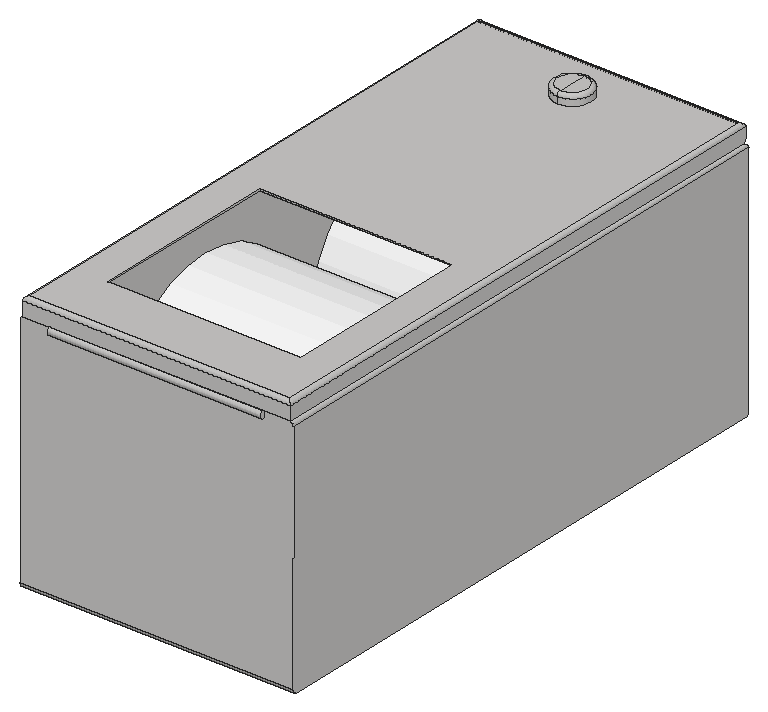
Revit family "PRD_AR_TltRllHldrs_RODANToiletRollHolder_RODX672,674B", category Specialty Equipment, host Face, Revit 2018
Family settings
  Host = Face
  Round Connector Dimension = Use Diameter
  Part Type = Normal
  OmniClass Number = 23.40.20.21.21
  OmniClass Title = Toilet Paper Dispensers
  Cut with Voids When Loaded = No
  Shared = No
  Room Calculation Point = No
Parameters (values of type "RODX672")
  WarrantyStartDate [instance] = "1900-12-31T23:59:59"
  WarrantyGuarantorParts = "n/a"
  WarrantyGuarantorLabor = "n/a"
  WarrantyDurationUnit = "year"
  WarrantyDurationParts = "n/a"
  WarrantyDurationLabor = "n/a"
  WarrantyDescription = "n/a"
  Version = "1"
  Uniclass2015Version = "Products v1.10"
  Uniclass2015Title = "Toilet roll holders"
  Uniclass2015Code = "Pr_40_20_76_88"
  URL = "www.kwc.com"
  Type = RODX672 : RODX672
  ToiletRollMaterial = PRD_AR_ToiletRoll
  TagNumber [instance] = "n/a"
  SustainabilityPerformance = "n/a"
  Style = "Toilet roll holder"
  Size = "144x301x138 mm"
  Shape = "n/a"
  SerialNumber [instance] = "n/a"
  RollHolderMaterial = PRD_AR_StainlessSteel_SatinFinished
  Revision = "n/a"
  ReplacementCost = "n/a"
  ProductInformation = "https://pim.kwc.com/product/2000090072/attachment/datasheet?locale=en"
  NominalWidth = 144.00 mm
  NominalHeight = 301.00 mm
  NominalDepth = 138.00 mm
  NetWeight = 2.15 kg
  Name = "RODAN Double toilet roll holder RODX672"
  NBSTypeID = "n/a"
  NBSReference = "45-35-72/368"
  NBSOfficeMasterTag = "n/a"
  NBSNote = "n/a"
  NBSDescription = "Toilet roll holders"
  NBSCertification = "n/a"
  ModelReference = "RODX672"
  ModelNumber = "2000090072"
  Model = ModelReference  # "RODX672"
  MaximumWidthOfConsumable = 115.00 mm
  Materials = "Stainless steel"
  MaterialCode = "Stainless steel 1.4301"
  Material = "Stainless steel"
  ManufacturerURL = "www.kwc.com"
  ManufacturerName = "KWC Group AG"  # constant formula
  Manufacturer = ManufacturerName  # "KWC Group AG"
  MainColor = "Stainless steel"
  IntegralAccessories = "incl. stainless steel screws and dowels"
  InstallationDate [instance] = "1900-12-31T23:59:59"
  IfcExportType = "NOTDEFINED"
  IfcExportAs = "IfcFurnitureType"
  GrossWeight = 2.42 kg
  Grade = "n/a"
  Form = "Wall mounting"
  FinishAndColour = "Stainless steel, satin finished"
  Finish = "Satin finished"
  FillingQuantity = "2 Rolls"
  Features = "stainless steel, 0.80 mm, satin finished, wall mounting, 144x301x138 mm (WxHxD)"
  ExpectedLife = "n/a"
  DurationUnit = "year"
  Description = "Double toilet roll holder with spindle system for wall mounting, stainless steel, surface satin finished, material thickness 0.8 mm, folded front cover, cylinder lock with KWC standard key, for 2 rolls with max. ⌀120 mm, second roll will be released after consumption of first roll, with spindles, reserve roll not visible, incl. stainless steel screws and dowels."
  Default Elevation = 700.00 mm
  CreatedOn = "12/2018"  # constant formula
  Constituents = "n/a"
  Color = "Stainless steel"
  CodePerformance = "n/a"
  Category = "Pr_40_20_76_88, Toilet roll holders"
  BarCode [instance] = "n/a"
  BIMObjectName = "PRD_AR_ToiletRollHolders_RODAN_ToiletRollHolder_RODX672"
  Author = "Archispace"  # constant formula
  AssetType = "Fixed"
  AssetIdentifier [instance] = "n/a"
  AccessibilityPerformance = "n/a"
Types (2, lengths in mm): name | Type | Size | ProductInformation | NominalWidth | NominalHeight | NominalDepth | NetWeight | Name | ModelReference | ModelNumber | Model | MaximumWidthOfConsumable | GrossWeight | FillingQuantity | Features | Description | BIMObjectName
  RODX672 | RODX672 : RODX672 | "144x301x138 mm" | "https://pim.kwc.com/product/2000090072/attachment/datasheet?locale=en" | 144.00 | 301.00 | 138.00 | 2.15 kg | "RODAN Double toilet roll holder RODX672" | "RODX672" | "2000090072" | "RODX672" | 115.00 | 2.42 kg | "2 Rolls" | "stainless steel, 0.80 mm, satin finished, wall mounting, 144x301x138 mm (WxHxD)" | "Double toilet roll holder with spindle system for wall mounting, stainless steel, surface satin finished, material thickness 0.8 mm, folded front cover, cylinder lock with KWC standard key, for 2 rolls with max. ⌀120 mm, second roll will be released after consumption of first roll, with spindles, reserve roll not visible, incl. stainless steel screws and dowels." | "PRD_AR_ToiletRollHolders_RODAN_ToiletRollHolder_RODX672"
  RODX674B | RODX674B : RODX674B | "144x610x145 mm" | "https://pim.kwc.com/product/2030002104/attachment/datasheet?locale=en" | 145.00 | 610.00 | 144.00 | 4.98 kg | "RODAN Double toilet roll holder RODX674B" | "RODX674B" | "2030002104" | "RODX674B" | 110.00 | 5.62 kg | "4 Rolls" | "stainless steel, 0.80 mm, satin finished, wall mounting, 145x610x144 mm (WxHxD)" | "Toilet roll holder for 4 rolls for wall mounting, stainless steel, surface satin finished, material thickness 0.8 mm, with spindle system, cylinder lock with KWC standard key, incl. stainless steel screws and dowels." | "PRD_AR_ToiletRollHolders_RODAN_DoubleToiletRollHolder_RODX674B"
Reference planes
  plane 1 "Center (Front/Back)": y = 0
  plane 2: z = 0
  plane 3 "Center (Left/Right)": x = 0
Dimensions and locks
  aligned and locked: plane 2 to host face
  aligned and locked: level to host face
Nested families
  nested 1: "RODX672" at (0, 150, 0), type <- "Type", type "RODX672"
    with WarrantyStartDate "1900-12-31T23:59:59", TagNumber "n/a", SerialNumber "n/a", InstallationDate "1900-12-31T23:59:59", BarCode "n/a", AssetIdentifier "n/a"
Definition of nested family "RODX672"
  Parameters (values of type "RODX672")
    WarrantyStartDate [instance] = "1900-12-31T23:59:59"
    WarrantyGuarantorParts = "n/a"
    WarrantyGuarantorLabor = "n/a"
    WarrantyDurationUnit = "year"
    WarrantyDurationParts = "n/a"
    WarrantyDurationLabor = "n/a"
    WarrantyDescription = "n/a"
    Version = "1"
    Uniclass2015Version = "Products v1.7"
    Uniclass2015Title = "Toilet roll holders"
    Uniclass2015Code = "Pr_40_20_76_88"
    URL = "www.franke.com"
    ToiletRollMaterial = none
    TagNumber [instance] = "n/a"
    SustainabilityPerformance = "n/a"
    Style = "Toilet roll holder"
    Size = "144x301x138 mm"
    Shape = "n/a"
    SerialNumber [instance] = "n/a"
    RollHolderMaterial = none
    Revision = "n/a"
    ReplacementCost = "n/a"
    ProductInformation = "http://igh.franke.mycontent.ch/ch/pdf/Franke_ZDS_2000090072_EN.pdf"
    NominalWidth = 144.00 mm
    NominalLength = 144.00 mm
    NominalHeight = 301.00 mm
    NominalDepth = 138.00 mm
    NetWeight = 2.15 kg
    Name = "RODAN Double toilet roll holder RODX672"
    NBSTypeID = "n/a"
    NBSReference = "45-35-72/368"
    NBSOfficeMasterTag = "n/a"
    NBSNote = "n/a"
    NBSDescription = "Toilet roll holders"
    NBSCertification = "n/a"
    ModelReference = "RODX672"
    ModelNumber = "2000090072"
    Model = ModelReference  # "RODX672"
    MaximumWidthOfConsumable = 115.00 mm
    Materials = "Stainless steel"
    Material = "Stainless steel"
    ManufacturerURL = "www.franke.com"
    ManufacturerName = "FRANKE Water Systems AG"  # constant formula
    Manufacturer = ManufacturerName  # "FRANKE Water Systems AG"
    MainColor = "Stainless steel"
    IntegralAccessories = "incl. stainless steel screws and dowels"
    InstallationDate [instance] = "1900-12-31T23:59:59"
    IfcExportType = "NOTDEFINED"
    IfcExportAs = "IfcFurnitureType"
    GrossWeight = 2.42 kg
    Grade = "n/a"
    Form = "Wall mounting"
    FinishAndColour = "Stainless steel, satin finished"
    Finish = "Satin finished"
    FillingQuantity = "2 Rolls"
    Features = "stainless steel, 0.80 mm, satin finished, wall mounting, 144x301x138 mm (WxHxD)"
    ExpectedLife = "n/a"
    DurationUnit = "year"
    Description = "Double toilet roll holder with spindle system for wall mounting, stainless steel, surface satin finished, material thickness 0.8 mm, folded front cover, cylinder lock with Franke standard key, for 2 rolls with max. O 120 mm, second roll will be released after consumption of first roll, with spindles, reserve roll not visible, incl. stainless steel screws and dowels."
    Default Elevation = 700.00 mm
    Constituents = "n/a"
    Color = "Stainless steel"
    CodePerformance = "n/a"
    Category = "Pr_40_20_76_88, Toilet roll holders"
    BarCode [instance] = "n/a"
    BIMObjectName = "PRD_FrankeWS_ToiletRollHolders_RODAN_DoubleToiletRollHolder_RODX672"
    Author = "Archispace"  # constant formula
    AssetType = "Fixed"
    AssetIdentifier [instance] = "n/a"
    AccessibilityPerformance = "n/a"
  Reference planes
    plane 1 "Center (Front/Back)": y = 0
    plane 2: z = 0
    plane 3 "Center (Left/Right)": x = 0
  Forms (mm)
    Extrusion 1, solid
      sketch origin (0, 0, 0) x (1, 0, 0) y (0, 1, 0)
        loop
          line (-1219.2, 1219.2) -> (-1219.2, -1219.2) -> (1219.2, -1219.2) -> (1219.2, 1219.2) -> (-1219.2, 1219.2)
      from 0 to -304.8
    Extrusion 2, solid, material <- "RollHolderMaterial", detail levels fine
      sketch origin (0, 0, 0) x (0, 1, 0) y (0, 0, 1)
        loop
          arc (-150, 2) -> (-149.414, 0.586) -> (-148, 0) r 2
          line (-148, 0) -> (148, 0)
          arc (148, 0) -> (149.414, 0.586) -> (150, 2) r 2
          line (150, 2) -> (150, 126.459)
          arc (150, 126.459) -> (149.414, 127.873) -> (148, 128.459) r 2
          line (148, 128.459) -> (-150, 128.459) -> (-150, 2)
      from -72 to 72
    Extrusion 3, solid, material <- "RollHolderMaterial", detail levels fine
      sketch origin (0, 0, 0) x (0, 1, 0) y (0, 0, 1)
        loop
          line (-150, 128.459) -> (147.9, 128.459)
          arc (147.9, 128.459) -> (149.385, 129.074) -> (150, 130.559) r 2.1
          line (150, 130.559) -> (150, 135.959)
          arc (150, 135.959) -> (149.414, 137.373) -> (148, 137.959) r 2
          line (148, 137.959) -> (-148, 137.959)
          arc (-148, 137.959) -> (-149.414, 137.373) -> (-150, 135.959) r 2
          line (-150, 135.959) -> (-150, 128.459)
      from -70.5 to 70.5
    Extrusion 4, void
      sketch origin (0, 0, 0) x (1, 0, 0) y (0, 0, 1)
        loop
          line (72, 128.459) -> (70, 128.459)
          arc (70, 128.459) -> (71.414, 127.873) -> (72, 126.459) r 2
          line (72, 126.459) -> (72, 128.459)
        loop
          line (-72, 128.459) -> (-72, 126.459)
          arc (-72, 126.459) -> (-71.414, 127.873) -> (-70, 128.459) r 2
          line (-70, 128.459) -> (-72, 128.459)
      from -150 to 150
    Extrusion 5, void
      sketch origin (0, 0, 0) x (1, 0, 0) y (0, 0, 1)
        loop
          line (70.5, 137.959) -> (68.5, 137.959)
          arc (68.5, 137.959) -> (69.914, 137.373) -> (70.5, 135.959) r 2
          line (70.5, 135.959) -> (70.5, 137.959)
        loop
          line (-70.5, 137.959) -> (-70.5, 135.959)
          arc (-70.5, 135.959) -> (-69.914, 137.373) -> (-68.5, 137.959) r 2
          line (-68.5, 137.959) -> (-70.5, 137.959)
      from -150 to 150
    Extrusion 6, solid, material <- "RollHolderMaterial", detail levels fine
      sketch origin (0, 0, 1.05) x (0, 1, 0) y (0, 0, 1)
        loop
          line (-150, 123.809) -> (-150, 127.409)
          arc (-150, 127.409) -> (-151.8, 125.609) -> (-150, 123.809) r 1.8
      from -56.25 to 56.25
    Extrusion 7, void
      sketch origin (0, 0, 0) x (0, 1, 0) y (0, 0, 1)
        loop
          line (-118.5, 137.159) -> (-118.5, 80.959) -> (-149.2, 80.959) -> (-149.2, 2) -> (149.2, 2) -> (149.2, 126.159)
          arc (149.2, 126.159) -> (148.849, 127.007) -> (148, 127.359) r 1.2
          line (148, 127.359) -> (142.6, 127.359) -> (142.6, 129.259) -> (147.9, 129.259)
          arc (147.9, 129.259) -> (148.819, 129.64) -> (149.2, 130.559) r 1.3
          line (149.2, 130.559) -> (149.2, 135.859)
          arc (149.2, 135.859) -> (148.819, 136.778) -> (147.9, 137.159) r 1.3
          line (147.9, 137.159) -> (-118.5, 137.159)
      from -69.7 to 69.7
    Extrusion 8, void
      sketch origin (0, 0, 0) x (0, 1, 0) y (0, 0, 1)
        loop
          line (-118.5, 137.959) -> (-118.5, 137.159) -> (-18.5, 137.159) -> (-18.5, 137.959) -> (-118.5, 137.959)
      from -51 to 51
    Revolve 9, solid, material <- "RollHolderMaterial", detail levels fine
      sketch origin (0, 0, 0) x (0, 1, 0) y (0, 0, 1)
        loop
          line (114.119, 137.959) -> (124, 137.959) -> (124, 143.109) -> (116.119, 143.109)
          arc (116.119, 143.109) -> (114.705, 142.523) -> (114.119, 141.109) r 2
          line (114.119, 141.109) -> (114.119, 137.959)
        axis (124, 143.109) -> (124, 137.959)
      angle from 0 to 360
    Extrusion 10, solid, material <- "RollHolderMaterial", detail levels medium
      sketch origin (0, 0, 0) x (0, 1, 0) y (0, 0, 1)
        loop
          line (150, 0) -> (150, 128.459) -> (-150, 128.459) -> (-150, 0) -> (150, 0)
      from -72 to 72
    Extrusion 11, solid, material <- "RollHolderMaterial", detail levels medium
      sketch origin (0, 0, 0) x (0, 1, 0) y (0, 0, 1)
        loop
          line (150, 128.459) -> (150, 137.959) -> (-150, 137.959) -> (-150, 128.459) -> (150, 128.459)
      from -70.5 to 70.5
    Extrusion 12, void
      sketch origin (0, 0, 0) x (0, 1, 0) y (0, 0, 1)
        loop
          line (-118.5, 137.159) -> (-118.5, 80.959) -> (-149.2, 80.959) -> (-149.2, 2) -> (149.2, 2) -> (149.2, 137.159) -> (-118.5, 137.159)
      from -69.7 to 69.7
    Extrusion 13, solid, material <- "RollHolderMaterial", detail levels coarse
      sketch origin (0, 0, 0) x (0, 1, 0) y (0, 0, 1)
        loop
          line (-150, 137.959) -> (-150, 0) -> (150, 0) -> (150, 137.959) -> (-150, 137.959)
      from -72 to 72
    Extrusion 14, solid, material <- "ToiletRollMaterial", detail levels medium+fine
      sketch origin (0, 134.349, 3.241) x (0, 1, 0) y (0, 0, 1)
        loop
          circle (-59.349, 60.739) r 60
      from -50 to 50
    Extrusion 15, solid, material <- "ToiletRollMaterial", detail levels medium+fine
      sketch origin (0, 4.349, 3.241) x (0, 1, 0) y (0, 0, 1)
        loop
          circle (-59.349, 60.739) r 60
      from 50 to -50
  Cuts and joins
    Extrusion 4, Extrusion 7 cuts Extrusion 2
    Extrusion 5, Extrusion 7, Extrusion 8 cuts Extrusion 3
    joined: Extrusion 3, Revolve 9
    Extrusion 8, Extrusion 12 cuts Extrusion 11
    Extrusion 12 cuts Extrusion 10
  Dimensions and locks
    aligned and locked: plane 2 to Extrusion 1
    aligned and locked: level to Extrusion 1
